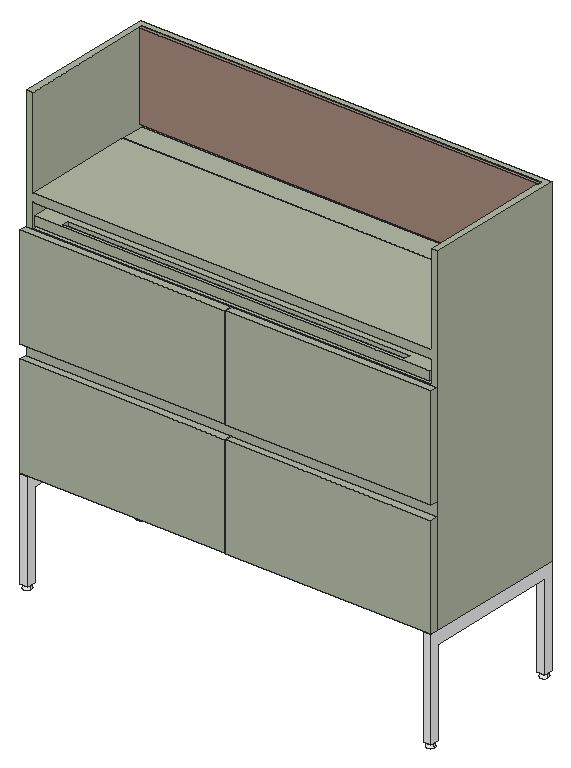
Revit family
Parameters (values of type "19" D  52" W  56" H (Ash)")
  Width = 4' - 4"
  URL = "www.coalesse.com"
  Type Comments = "CODSO5256"
  Model = "Live/Work - Denizen"
  Manufacturer = "Coalesse"
  Keyboard Tray = Furniture_Denizen_Secretary_Door/Encasement (Ash)
  Hidden Right Leg = yes
  Hidden Left Leg = yes
  Height = 4' - 8"
  Frame = Furniture_Denizen_Secretary_Frame
  Encasement = Furniture_Denizen_Secretary_Door/Encasement (Ash)
  Description = "Secretary"
  Depth = 1' - 7"
  Cost = 6695
  Door Panel = Furniture_Denizen_Secretary_Door/Encasement (Ash)
  Cork Panel = Furniture_Denizen_Secretary_Display Panel (Cork)
Types (10): name | Keyboard Tray | Hidden Right Leg | Hidden Left Leg | Encasement | Cost | Door Panel
  (no name) | Furniture_Denizen_Secretary_Door/Encasement (Ash) | yes | yes | Furniture_Denizen_Secretary_Door/Encasement (Ash) | 6695 | Furniture_Denizen_Secretary_Door/Encasement (Ash)
  19" D  52" W  56" H (Ash) | Furniture_Denizen_Secretary_Door/Encasement (Ash) | yes | yes | Furniture_Denizen_Secretary_Door/Encasement (Ash) | 6695 | Furniture_Denizen_Secretary_Door/Encasement (Ash)
  19" D  52" W  56" H (Oak) | Furniture_Denizen_Secretary_Door/Encasement (Oak) | yes | yes | Furniture_Denizen_Secretary_Door/Encasement (Oak) | 6500 | Furniture_Denizen_Secretary_Door/Encasement (Oak)
  19" D  52" W  56" H (Teak) | Furniture_Denizen_Secretary_Door/Encasement (Teak) | yes | yes | Furniture_Denizen_Secretary_Door/Encasement (Teak) | 8125 | Furniture_Denizen_Secretary_Door/Encasement (Teak)
  19" D  52" W  56" H (Ash) wo/Right Legs | Furniture_Denizen_Secretary_Door/Encasement (Ash) | no | yes | Furniture_Denizen_Secretary_Door/Encasement (Ash) | 6695 | Furniture_Denizen_Secretary_Door/Encasement (Ash)
  19" D  52" W  56" H (Oak) wo/Right Legs | Furniture_Denizen_Secretary_Door/Encasement (Oak) | no | yes | Furniture_Denizen_Secretary_Door/Encasement (Oak) | 6500 | Furniture_Denizen_Secretary_Door/Encasement (Oak)
  19" D  52" W  56" H (Teak) wo/Right Legs | Furniture_Denizen_Secretary_Door/Encasement (Teak) | no | yes | Furniture_Denizen_Secretary_Door/Encasement (Teak) | 8125 | Furniture_Denizen_Secretary_Door/Encasement (Teak)
  19" D  52" W  56" H (Ash) wo/Left Legs | Furniture_Denizen_Secretary_Door/Encasement (Ash) | yes | no | Furniture_Denizen_Secretary_Door/Encasement (Ash) | 6695 | Furniture_Denizen_Secretary_Door/Encasement (Ash)
  19" D  52" W  56" H (Oak) wo/Left Legs | Furniture_Denizen_Secretary_Door/Encasement (Oak) | yes | no | Furniture_Denizen_Secretary_Door/Encasement (Oak) | 6500 | Furniture_Denizen_Secretary_Door/Encasement (Oak)
  19" D  52" W  56" H (Teak) wo/Left Legs | Furniture_Denizen_Secretary_Door/Encasement (Teak) | yes | no | Furniture_Denizen_Secretary_Door/Encasement (Teak) | 8125 | Furniture_Denizen_Secretary_Door/Encasement (Teak)
Reference planes (in)
  plane 1: z = 0
  plane 2 "Center L/R": x = 6
  plane 3: y = 13.85577
  plane 4: y = 14.85577
  plane 5: y = -3.14423
  plane 6: y = -4.14423
  plane 7: x = -20
  plane 8: x = -19
  plane 9: x = 31
  plane 10: x = 32
  plane 11: z = 11.43
  plane 12: z = 13.68
  plane 13: z = 12.93
  plane 14: z = 56
  plane 15: z = 0.5
  plane 16: z = 0.375
  plane 17: x = -19.8125
  plane 18: x = -19.1875
  plane 19: x = 31.8125
  plane 20: x = 31.1875
  plane 21: y = 14.66827
  plane 22: y = 14.04327
  plane 23: y = -3.33173
  plane 24: y = -3.95673
  plane 25 "bl": y = 14.35577
  plane 26 "fl": y = -3.64423
  plane 27: x = -19.5
  plane 28: x = 31.5
  plane 29: y = 5.35577
  plane 30: z = 13.74
  plane 31: x = 5.9375
  plane 32: x = 6.0625
  plane 33: x = -17
  plane 34: x = -16.9375
  plane 35: x = 29
  plane 36: x = 28.9375
  plane 37: y = -3.14673
  plane 38: y = -3.20673
  plane 39: y = 11.85577
  plane 40: y = 10.85577
  plane 41: y = -0.14423
  plane 42: y = -1.14423
  plane 43: z = 55
  plane 44: x = -16.6875
  plane 45: x = -17.25
  plane 46: x = 28.6875
  plane 47: x = 29.25
  plane 48: y = 14.10577
  plane 49: z = 25.938
  plane 50: z = 13.058
  plane 51: z = 40.92
  plane 52: z = 42.12
  plane 53: z = 43.57
  plane 54: z = 44.57
  plane 55: z = 45.07
  plane 56: z = 41.745
  plane 57: y = -2.14423
  plane 58: y = -2.89423
  plane 59: y = 11.04327
  plane 60: y = 11.14327
  plane 61: y = 13.60577
  plane 62: x = -15.625
  plane 63: x = 27.625
  plane 64: x = -19.25
  plane 65: x = 31.25
  plane 66: z = 40.57
  plane 67: z = 39.82
  plane 68: z = 27.69
  plane 69: z = 25.388
  plane 70: y = -2.39423
Forms (in)
  Extrusion 1, solid, material "Furniture_Denizen_Secretary_Frame" <- "Frame", visible <- "Hidden Left Leg"
    sketch origin (6, 0, 0) x (0, 1, 0) y (0, 0, 1)
      loop
        line (14.85577, 12.93) -> (-4.14423, 12.93) -> (-4.14423, 0.5) -> (-3.14423, 0.5) -> (-3.14423, 11.43) -> (13.85577, 11.43) -> (13.85577, 0.5) -> (14.85577, 0.5) -> (14.85577, 12.93)
    from -26 to -25
  Extrusion 2, solid, material "Furniture_Denizen_Secretary_Frame" <- "Frame", visible <- "Hidden Right Leg"
    sketch origin (6, 0, 0) x (0, 1, 0) y (0, 0, 1)
      loop
        line (-4.14423, 0.5) -> (-3.14423, 0.5) -> (-3.14423, 11.43) -> (13.85577, 11.43) -> (13.85577, 0.5) -> (14.85577, 0.5) -> (14.85577, 12.93) -> (-4.14423, 12.93) -> (-4.14423, 0.5)
    from 25 to 26
  Extrusion 3, solid, material "Furniture_Denizen_Secretary_Door/Encasement (Ash)" <- "Encasement"
    sketch origin (6, 0, 0) x (0, 1, 0) y (0, 0, 1)
      loop
        line (14.85577, 12.93) -> (14.85577, 13.68) -> (-3.14673, 13.68) -> (-3.14673, 12.93) -> (14.85577, 12.93)
    from -26 to 26
  Revolve 4, solid, material "Furniture_Denizen_Secretary_Frame" <- "Frame", visible <- "Hidden Left Leg"
    sketch origin (0, -3.64423, 0) x (0, 0, -1) y (-1, 0, 0)
      loop
        line (0, 19.5) -> (0, 20) -> (-0.375, 19.8125) -> (-0.5, 19.8125) -> (-0.5, 19.5) -> (0, 19.5)
      axis (0, 19.5) -> (-0.5, 19.5)
    angle from 0 to 360
  Revolve 5, solid, material "Furniture_Denizen_Secretary_Frame" <- "Frame", visible <- "Hidden Left Leg"
    sketch origin (0, 14.35577, 0) x (0, 0, -1) y (-1, 0, 0)
      loop
        line (0, 19.5) -> (0, 20) -> (-0.375, 19.8125) -> (-0.5, 19.8125) -> (-0.5, 19.5) -> (0, 19.5)
      axis (0, 19.5) -> (-0.5, 19.5)
    angle from 0 to 360
  Extrusion 6, solid, material "Furniture_Denizen_Secretary_Frame" <- "Frame"
    sketch origin (6, 0, 0) x (0, 1, 0) y (0, 0, 1)
      loop
        line (11.85577, 12.93) -> (10.85577, 12.93) -> (10.85577, 11.43) -> (11.85577, 11.43) -> (11.85577, 12.93)
      loop
        line (-0.14423, 12.93) -> (-1.14423, 12.93) -> (-1.14423, 11.43) -> (-0.14423, 11.43) -> (-0.14423, 12.93)
    from -22.9375 to 22.9375
  Extrusion 7, solid, material "Furniture_Denizen_Secretary_Door/Encasement (Ash)" <- "Encasement"
    sketch origin (6, 0, 0) x (0, 1, 0) y (0, 0, 1)
      loop
        line (14.10577, 13.68) -> (14.85577, 13.68) -> (14.85577, 56) -> (14.10577, 56) -> (14.10577, 13.68)
    from -26 to 26
  Extrusion 8, solid, material "Furniture_Denizen_Secretary_Door/Encasement (Ash)" <- "Encasement"
    sketch origin (0, 1.73077, 0) x (1, 0, 0) y (0, 0, 1)
      loop
        line (-19.25, 13.68) -> (-19.25, 56) -> (-20, 56) -> (-20, 13.68) -> (-19.25, 13.68)
      loop
        line (31.25, 56) -> (31.25, 13.68) -> (32, 13.68) -> (32, 56) -> (31.25, 56)
    from -13.125 to 4.8775
  Extrusion 9, solid, material "Furniture_Denizen_Secretary_Frame" <- "Frame"
    sketch origin (0, 1.73077, 0) x (1, 0, 0) y (0, 0, 1)
      loop
        line (-16.9375, 12.93) -> (-16.9375, 11.43) -> (-16.6875, 11.43) -> (-16.6875, 12.93) -> (-16.9375, 12.93)
      loop
        line (28.6875, 12.93) -> (28.6875, 11.43) -> (28.9375, 11.43) -> (28.9375, 12.93) -> (28.6875, 12.93)
    from -9.125 to 1.875
  Extrusion 10, solid, material "Furniture_Denizen_Secretary_Frame" <- "Frame", visible <- "Hidden Right Leg"
    sketch origin (0, 1.73077, 0) x (1, 0, 0) y (0, 0, 1)
      loop
        line (29, 12.93) -> (29, 11.43) -> (29.25, 11.43) -> (29.25, 12.93) -> (29, 12.93)
    from -9.125 to 1.875
  Extrusion 11, solid, material "Furniture_Denizen_Secretary_Frame" <- "Frame", visible <- "Hidden Left Leg"
    sketch origin (0, 1.73077, 0) x (1, 0, 0) y (0, 0, 1)
      loop
        line (-17.25, 12.93) -> (-17.25, 11.43) -> (-17, 11.43) -> (-17, 12.93) -> (-17.25, 12.93)
    from -9.125 to 1.875
  Extrusion 12, solid, material "Furniture_Denizen_Secretary_Frame" <- "Frame", visible <- "Hidden Left Leg"
    sketch origin (6, 0, 0) x (0, 1, 0) y (0, 0, 1)
      loop
        line (11.85577, 12.93) -> (10.85577, 12.93) -> (10.85577, 11.43) -> (11.85577, 11.43) -> (11.85577, 12.93)
    from -25 to -23
  Extrusion 13, solid, material "Furniture_Denizen_Secretary_Frame" <- "Frame", visible <- "Hidden Left Leg"
    sketch origin (6, 0, 0) x (0, 1, 0) y (0, 0, 1)
      loop
        line (-0.14423, 12.93) -> (-1.14423, 12.93) -> (-1.14423, 11.43) -> (-0.14423, 11.43) -> (-0.14423, 12.93)
    from -25 to -23
  Extrusion 14, solid, material "Furniture_Denizen_Secretary_Frame" <- "Frame", visible <- "Hidden Right Leg"
    sketch origin (6, 0, 0) x (0, 1, 0) y (0, 0, 1)
      loop
        line (11.85577, 12.93) -> (10.85577, 12.93) -> (10.85577, 11.43) -> (11.85577, 11.43) -> (11.85577, 12.93)
    from 23 to 25
  Extrusion 15, solid, material "Furniture_Denizen_Secretary_Frame" <- "Frame", visible <- "Hidden Right Leg"
    sketch origin (6, 0, 0) x (0, 1, 0) y (0, 0, 1)
      loop
        line (-0.14423, 12.93) -> (-1.14423, 12.93) -> (-1.14423, 11.43) -> (-0.14423, 11.43) -> (-0.14423, 12.93)
    from 23 to 25
  Extrusion 16, solid, material "Furniture_Denizen_Secretary_Door/Encasement (Ash)" <- "Door Panel"
    sketch origin (0, 1.73077, 0) x (1, 0, 0) y (0, 0, 1)
      loop
        line (-20, 25.938) -> (-20, 13.058) -> (5.9375, 13.058) -> (5.9375, 25.938) -> (-20, 25.938)
    from 4.9375 to 5.875
  Extrusion 17, solid, material "Furniture_Denizen_Secretary_Door/Encasement (Ash)" <- "Door Panel"
    sketch origin (0, 1.73077, 0) x (1, 0, 0) y (0, 0, 1)
      loop
        line (6.0625, 25.938) -> (6.0625, 13.058) -> (32, 13.058) -> (32, 25.938) -> (6.0625, 25.938)
    from 4.9375 to 5.875
  Revolve 18, solid, material "Furniture_Denizen_Secretary_Frame" <- "Frame", visible <- "Hidden Right Leg"
    sketch origin (0, -3.64423, -0.90123) x (0, 0, -1) y (-1, 0, 0)
      loop
        line (-0.90123, -31.5) -> (-0.90123, -31) -> (-1.27623, -31.1875) -> (-1.40123, -31.1875) -> (-1.40123, -31.5) -> (-0.90123, -31.5)
      axis (-0.90123, -31.5) -> (-1.40123, -31.5)
    angle from 0 to 360
  Revolve 19, solid, material "Furniture_Denizen_Secretary_Frame" <- "Frame", visible <- "Hidden Right Leg"
    sketch origin (0, 14.35577, -0.90123) x (0, 0, -1) y (-1, 0, 0)
      loop
        line (-0.90123, -31.5) -> (-0.90123, -31) -> (-1.27623, -31.1875) -> (-1.40123, -31.1875) -> (-1.40123, -31.5) -> (-0.90123, -31.5)
      axis (-0.90123, -31.5) -> (-1.40123, -31.5)
    angle from 0 to 360
  Extrusion 20, solid, material "Furniture_Denizen_Secretary_Door/Encasement (Ash)" <- "Keyboard Tray"
    sketch origin (6, 0, 0) x (0, 1, 0) y (0, 0, 1)
      loop
        line (14.10577, 42.12) -> (-3.14423, 42.12) -> (-3.14423, 40.92) -> (14.10577, 40.92) -> (14.10577, 42.12)
    from -25 to 25
  Extrusion 21, solid, material "Furniture_Denizen_Secretary_Door/Encasement (Ash)" <- "Encasement"
    sketch origin (6, 0, 0) x (0, 1, 0) y (0, 0, 1)
      loop
        line (14.10577, 44.57) -> (11.14327, 44.57) -> (11.14327, 43.57) -> (14.10577, 43.57) -> (14.10577, 44.57)
      loop
        line (11.04327, 44.57) -> (-3.14673, 44.57) -> (-3.14673, 43.57) -> (11.04327, 43.57) -> (11.04327, 44.57)
    from -26 to 26
  Extrusion 22, solid, material "Furniture_Denizen_Secretary_Display Panel (Cork)" <- "Cork Panel"
    sketch origin (6, 0, 0) x (0, 1, 0) y (0, 0, 1)
      loop
        line (13.60577, 45.07) -> (14.10577, 45.07) -> (14.10577, 56) -> (13.60577, 56) -> (13.60577, 45.07)
    from -25.25 to 25.25
  Extrusion 23, void
    sketch origin (6, 0, 0) x (0, 1, 0) y (0, 0, 1)
      loop
        line (-2.14423, 42.12) -> (-2.89423, 42.12) -> (-2.89423, 41.745) -> (-2.14423, 41.745) -> (-2.14423, 42.12)
    from -21.625 to 21.625
  Extrusion 24, solid, material "Furniture_Denizen_Secretary_Door/Encasement (Ash)" <- "Encasement"
    sketch origin (6, 0, 0) x (0, 1, 0) y (0, 0, 1)
      loop
        line (-2.39423, 27.69) -> (-3.14673, 27.69) -> (-3.14673, 25.388) -> (-2.39423, 25.388) -> (-2.39423, 27.69)
    from -25.25 to 25.25
  Extrusion 25, solid, material "Furniture_Denizen_Secretary_Door/Encasement (Ash)" <- "Encasement"
    sketch origin (6, 0, 0) x (0, 1, 0) y (0, 0, 1)
      loop
        line (14.10577, 40.57) -> (-3.14423, 40.57) -> (-3.14423, 39.82) -> (14.10577, 39.82) -> (14.10577, 40.57)
    from -25.25 to 25.25
  Extrusion 26, solid, material "Furniture_Denizen_Secretary_Door/Encasement (Ash)" <- "Door Panel"
    sketch origin (0, 1.73077, 0) x (1, 0, 0) y (0, 0, 1)
      loop
        line (-20, 40.57) -> (-20, 27.69) -> (5.9375, 27.69) -> (5.9375, 40.57) -> (-20, 40.57)
    from 4.9375 to 5.875
  Extrusion 27, solid, material "Furniture_Denizen_Secretary_Door/Encasement (Ash)" <- "Door Panel"
    sketch origin (0, 1.73077, 0) x (1, 0, 0) y (0, 0, 1)
      loop
        line (6.0625, 40.57) -> (6.0625, 27.69) -> (32, 27.69) -> (32, 40.57) -> (6.0625, 40.57)
    from 4.9375 to 5.875
Cuts and joins
  Extrusion 23 cuts Extrusion 3
  Extrusion 23 cuts Extrusion 7
  Extrusion 23 cuts Extrusion 8
  Extrusion 23 cuts Extrusion 21
  joined: Extrusion 3, Extrusion 7, Extrusion 8, Extrusion 21, Extrusion 24, Extrusion 25
  joined: Extrusion 6, Extrusion 9
  joined: Extrusion 1, Revolve 4, Revolve 5
  joined: Extrusion 2, Revolve 18, Revolve 19
  Extrusion 23 cuts Extrusion 20
Dimensions and locks (in)
  locked: plane 4 to plane 3 at 1
  locked: plane 6 to plane 5 at 1
  locked: plane 7 to plane 8 at 1
  locked: plane 9 to plane 10 at 1
  "Height": plane 14 to level
  plane 15 to plane 16 to level = 0' - 0 1/8" locked, 0' - 0 3/8" locked
  locked: plane 17 to plane 7 at 0.1875
  locked: plane 18 to plane 8 at 0.1875
  locked: plane 20 to plane 9 at 0.1875
  locked: plane 10 to plane 19 at 0.1875
  locked: plane 4 to plane 21 at 0.1875
  locked: plane 22 to plane 3 at 0.1875
  locked: plane 5 to plane 23 at 0.1875
  locked: plane 24 to plane 6 at 0.1875
  equal spacing: plane 4, plane 25 "bl", plane 3
  equal spacing: plane 5, plane 26 "fl", plane 6
  "Width": plane 10 to plane 7
  locked: plane 10 to plane 28 at 0.5
  equal spacing: plane 10, plane 2 "Center L/R", plane 7
  locked: plane 7 to plane 27 at 0.5
  equal spacing: plane 4, plane 29, plane 6
  "Depth": plane 4 to plane 6
  plane 32 to plane 2 "Center L/R" to plane 31 = 0' - 0 1/16" locked, 0' - 0 1/16" locked
  plane 34 to plane 33 to plane 8 = 0' - 0 1/16" locked, 0' - 2" locked
  locked: plane 36 to plane 35 at 0.0625
  locked: plane 35 to plane 9 at 2
  plane 30 to plane 12 to plane 13 to plane 11 to plane 15 = 0' - 0.06" locked, 0' - 0 3/4" locked, 0' - 1 1/2" locked, 0' - 10.93" locked
  locked: plane 38 to plane 6 at 0.9375
  locked: plane 37 to plane 38 at 0.06
  locked: plane 39 to plane 40 at 1
  locked: plane 41 to plane 42 at 1
  locked: plane 3 to plane 39 at 2
  locked: plane 42 to plane 5 at 2
  locked: plane 14 to plane 43 at 1
  locked: plane 44 to plane 34 at 0.25
  locked: plane 45 to plane 33 at 0.25
  locked: plane 36 to plane 46 at 0.25
  locked: plane 47 to plane 35 at 0.25
  locked: plane 4 to plane 48 at 0.75
  locked: plane 13 to plane 50 at 0.128
  locked: plane 52 to plane 56 at 0.375
  plane 57 to plane 58 to plane 5 = 0' - 0 3/4" locked, 0' - 0 1/4" locked
  plane 3 to plane 61 to plane 60 to plane 59 = 0' - 0 1/4" locked, 0' - 2.4625" locked, 0' - 0.1" locked
  locked: plane 34 to plane 62 at 1.3125
  locked: plane 63 to plane 36 at 1.3125
  locked: plane 64 to plane 7 at 0.75
  locked: plane 65 to plane 10 at 0.75
  plane 55 to plane 54 to plane 53 to plane 52 to plane 51 to plane 66 to plane 67 = 0' - 0 1/2" locked, 0' - 1" locked, 0' - 1.45" locked, 0' - 1.2" locked, 0' - 0.35" locked, 0' - 0 3/4" locked
  plane 68 to plane 49 to plane 69 = 0' - 1.752" locked, 0' - 0.55" locked
  locked: plane 70 to plane 37 at 0.7525
  aligned and locked: Extrusion 1 to plane 7
  aligned and locked: plane 8 to Extrusion 1
  aligned and locked: plane 10 to Extrusion 2
  aligned and locked: Extrusion 2 to plane 9
  aligned and locked: plane 13 to Extrusion 1 sketch curve
  aligned and locked: plane 13 to Extrusion 2 sketch curve
  aligned and locked: plane 12 to Extrusion 3 sketch curve
  aligned and locked: Extrusion 3 sketch curve to plane 13
  aligned and locked: Extrusion 3 to plane 7
  aligned and locked: plane 10 to Extrusion 3
  aligned and locked: Extrusion 3 sketch curve to plane 4
  aligned and locked: plane 4 to Extrusion 7 sketch curve
  aligned and locked: plane 12 to Extrusion 7 sketch curve
  aligned and locked: Extrusion 7 sketch curve to plane 14
  aligned and locked: Extrusion 7 to plane 7
  aligned and locked: plane 10 to Extrusion 7
  aligned and locked: plane 12 to Extrusion 8 sketch curve  (x2)
  aligned and locked: Extrusion 8 sketch curve to plane 7
  aligned and locked: plane 10 to Extrusion 8 sketch curve
  aligned and locked: Extrusion 8 sketch curve to plane 14
  aligned and locked: plane 4 to Extrusion 8
  aligned and locked: plane 37 to Extrusion 8
  aligned and locked: plane 44 to Extrusion 9 sketch curve
  aligned and locked: plane 34 to Extrusion 9 sketch curve
  aligned and locked: plane 36 to Extrusion 9 sketch curve
  aligned and locked: plane 46 to Extrusion 9 sketch curve
  aligned and locked: Extrusion 10 to plane 41
  aligned and locked: Extrusion 9 to plane 41
  aligned and locked: Extrusion 11 to plane 41
  aligned and locked: Extrusion 6 to plane 36
  aligned and locked: plane 39 to Extrusion 12 sketch curve
  aligned and locked: Extrusion 12 sketch curve to plane 40
  aligned and locked: plane 11 to Extrusion 12 sketch curve
  aligned and locked: Extrusion 12 sketch curve to plane 13
  aligned and locked: Extrusion 12 to plane 8
  aligned and locked: plane 33 to Extrusion 12
  aligned and locked: plane 41 to Extrusion 13 sketch curve
  aligned and locked: Extrusion 13 sketch curve to plane 42
  aligned and locked: plane 11 to Extrusion 13 sketch curve
  aligned and locked: Extrusion 13 sketch curve to plane 13
  aligned and locked: Extrusion 13 to plane 8
  aligned and locked: plane 33 to Extrusion 13
  aligned and locked: plane 39 to Extrusion 14 sketch curve
  aligned and locked: Extrusion 14 sketch curve to plane 40
  aligned and locked: plane 11 to Extrusion 14 sketch curve
  aligned and locked: Extrusion 14 sketch curve to plane 13
  aligned and locked: plane 9 to Extrusion 14
  aligned and locked: plane 35 to Extrusion 14
  aligned and locked: plane 41 to Extrusion 15 sketch curve
  aligned and locked: Extrusion 15 sketch curve to plane 42
  aligned and locked: Extrusion 15 sketch curve to plane 13
  aligned and locked: plane 11 to Extrusion 15 sketch curve
  aligned and locked: plane 9 to Extrusion 15
  aligned and locked: plane 35 to Extrusion 15
  aligned and locked: plane 7 to Extrusion 16 sketch curve
  aligned and locked: Extrusion 16 sketch curve to plane 31
  aligned and locked: plane 32 to Extrusion 17 sketch curve
  aligned and locked: Extrusion 17 sketch curve to plane 10
  aligned and locked: Extrusion 16 to plane 38
  aligned and locked: plane 6 to Extrusion 16
  aligned and locked: Extrusion 17 to plane 38
  aligned and locked: plane 6 to Extrusion 17
  aligned and locked: Extrusion 6 to plane 34
  aligned and locked: plane 28 to Revolve 18 sketch curve
  aligned and locked: plane 37 to Extrusion 3
  aligned and locked: Extrusion 7 sketch curve to plane 48
  aligned and locked: Extrusion 16 sketch curve to plane 49
  aligned and locked: Extrusion 16 sketch curve to plane 50
  aligned and locked: Extrusion 17 sketch curve to plane 50
  aligned and locked: Extrusion 17 sketch curve to plane 49
  aligned and locked: plane 64 to Extrusion 8 sketch curve
  aligned and locked: plane 65 to Extrusion 8 sketch curve
  aligned and locked: plane 52 to Extrusion 20 sketch curve
  aligned and locked: plane 51 to Extrusion 20 sketch curve
  aligned and locked: plane 5 to Extrusion 20 sketch curve
  aligned and locked: Extrusion 20 sketch curve to plane 48
  aligned and locked: Extrusion 20 to plane 8
  aligned and locked: plane 9 to Extrusion 20
  aligned and locked: plane 54 to Extrusion 21 sketch curve  (x2)
  aligned and locked: plane 53 to Extrusion 21 sketch curve  (x2)
  aligned and locked: Extrusion 21 sketch curve to plane 60
  aligned and locked: Extrusion 21 sketch curve to plane 48
  aligned and locked: plane 37 to Extrusion 21 sketch curve
  aligned and locked: plane 59 to Extrusion 21 sketch curve
  aligned and locked: plane 10 to Extrusion 21
  aligned and locked: Extrusion 21 to plane 7
  aligned and locked: plane 61 to Extrusion 22 sketch curve
  aligned and locked: Extrusion 22 sketch curve to plane 48
  aligned and locked: Extrusion 22 sketch curve to plane 55
  aligned and locked: Extrusion 22 sketch curve to plane 14
  aligned and locked: plane 57 to Extrusion 23 sketch curve
  aligned and locked: Extrusion 23 sketch curve to plane 58
  aligned and locked: Extrusion 23 sketch curve to plane 56
  aligned and locked: plane 52 to Extrusion 23 sketch curve
  aligned and locked: plane 63 to Extrusion 23
  aligned and locked: Extrusion 23 to plane 62
  aligned and locked: Extrusion 22 to plane 64
  aligned and locked: Extrusion 22 to plane 65
  aligned and locked: plane 70 to Extrusion 24 sketch curve
  aligned and locked: plane 37 to Extrusion 24 sketch curve
  aligned and locked: plane 68 to Extrusion 24 sketch curve
  aligned and locked: Extrusion 24 sketch curve to plane 69
  aligned and locked: Extrusion 24 to plane 64
  aligned and locked: Extrusion 24 to plane 65
  aligned and locked: plane 66 to Extrusion 25 sketch curve
  aligned and locked: plane 67 to Extrusion 25 sketch curve
  aligned and locked: Extrusion 25 sketch curve to plane 48
  aligned and locked: plane 5 to Extrusion 25 sketch curve
  aligned and locked: Extrusion 25 to plane 65
  aligned and locked: Extrusion 25 to plane 64
  aligned and locked: plane 7 to Extrusion 26 sketch curve
  aligned and locked: Extrusion 26 sketch curve to plane 66
  aligned and locked: plane 68 to Extrusion 26 sketch curve
  aligned and locked: Extrusion 26 sketch curve to plane 31
  aligned and locked: plane 6 to Extrusion 26
  aligned and locked: Extrusion 26 to plane 38
  aligned and locked: plane 32 to Extrusion 27 sketch curve
  aligned and locked: Extrusion 27 sketch curve to plane 66
  aligned and locked: plane 68 to Extrusion 27 sketch curve
  aligned and locked: Extrusion 27 sketch curve to plane 10
  aligned and locked: plane 6 to Extrusion 27
  aligned and locked: Extrusion 27 to plane 38
Automatic sketch dimensions
  Extrusion 1 sketch curve to plane 6 = 0' - 0"
  Extrusion 1 sketch curve to plane 5 = 0' - 0"
  Extrusion 1 sketch curve to plane 3 = 0' - 0"
  Extrusion 1 sketch curve to plane 4 = 0' - 0"
  Extrusion 1 sketch curve to plane 15 = 0' - 0"  (x2)
  Extrusion 1 sketch curve to plane 11 = 0' - 0"
  Extrusion 2 sketch curve to plane 6 = 0' - 0"
  Extrusion 2 sketch curve to plane 5 = 0' - 0"
  Extrusion 2 sketch curve to plane 3 = 0' - 0"
  Extrusion 2 sketch curve to plane 4 = 0' - 0"
  Extrusion 2 sketch curve to plane 15 = 0' - 0"  (x2)
  Extrusion 2 sketch curve to plane 11 = 0' - 0"
  Extrusion 3 sketch curve to plane 6 = 0' - 0.9975"
  Revolve 4 sketch curve to plane 27 = 0' - 0"  (x2)
  Revolve 4 sketch curve to plane 15 = 0' - 0"
  Revolve 4 sketch curve to plane 16 = 0' - 0"
  Revolve 4 sketch curve to level = 0' - 0"
  Revolve 4 sketch curve to plane 17 = 0' - 0"
  Revolve 4 sketch curve to plane 7 = 0' - 0"
  Revolve 4 sketch curve to Revolve 4 sketch curve = 0' - 0.28919"
  Revolve 4 sketch curve to Revolve 4 sketch curve = 0' - 0.34667"
  Revolve 5 sketch curve to plane 27 = 0' - 0"  (x2)
  Revolve 5 sketch curve to plane 15 = 0' - 0"
  Revolve 5 sketch curve to plane 16 = 0' - 0"
  Revolve 5 sketch curve to level = 0' - 0"
  Revolve 5 sketch curve to plane 17 = 0' - 0"
  Revolve 5 sketch curve to plane 7 = 0' - 0"
  Revolve 5 sketch curve to Revolve 5 sketch curve = 0' - 0.28919"
  Revolve 5 sketch curve to Revolve 5 sketch curve = 0' - 0.34667"
  Extrusion 6 sketch curve to plane 13 = 0' - 0"  (x2)
  Extrusion 6 sketch curve to plane 42 = 0' - 0"
  Extrusion 6 sketch curve to plane 11 = 0' - 0"  (x2)
  Extrusion 6 sketch curve to plane 41 = 0' - 0"
  Extrusion 6 sketch curve to plane 40 = 0' - 0"
  Extrusion 6 sketch curve to plane 39 = 0' - 0"
  Extrusion 9 sketch curve to plane 11 = 0' - 0"  (x2)
  Extrusion 9 sketch curve to plane 13 = 0' - 0"  (x2)
  Extrusion 10 sketch curve to plane 11 = 0' - 0"
  Extrusion 10 sketch curve to plane 35 = 0' - 0"
  Extrusion 10 sketch curve to plane 47 = 0' - 0"
  Extrusion 10 sketch curve to plane 13 = 0' - 0"
  Extrusion 11 sketch curve to plane 11 = 0' - 0"
  Extrusion 11 sketch curve to plane 45 = 0' - 0"
  Extrusion 11 sketch curve to plane 33 = 0' - 0"
  Extrusion 11 sketch curve to plane 13 = 0' - 0"
  Revolve 18 sketch curve to plane 15 = 0' - 0"
  Revolve 18 sketch curve to plane 16 = 0' - 0"
  Revolve 18 sketch curve to level = 0' - 0"
  Revolve 18 sketch curve to plane 28 = 0' - 0"
  Revolve 18 sketch curve to plane 20 = 0' - 0"
  Revolve 18 sketch curve to plane 9 = 0' - 0"
  Revolve 18 sketch curve to Revolve 18 sketch curve = 0' - 0.63325"
  Revolve 18 sketch curve to level = 0' - 0.29868"
  Revolve 19 sketch curve to plane 28 = 0' - 0"  (x2)
  Revolve 19 sketch curve to plane 15 = 0' - 0"
  Revolve 19 sketch curve to plane 16 = 0' - 0"
  Revolve 19 sketch curve to level = 0' - 0"
  Revolve 19 sketch curve to plane 20 = 0' - 0"
  Revolve 19 sketch curve to plane 9 = 0' - 0"
  Revolve 19 sketch curve to Revolve 19 sketch curve = 0' - 0.63325"
  Revolve 19 sketch curve to level = 0' - 0.29868"
  Extrusion 8 sketch curve to plane 14 = 0' - 0"
